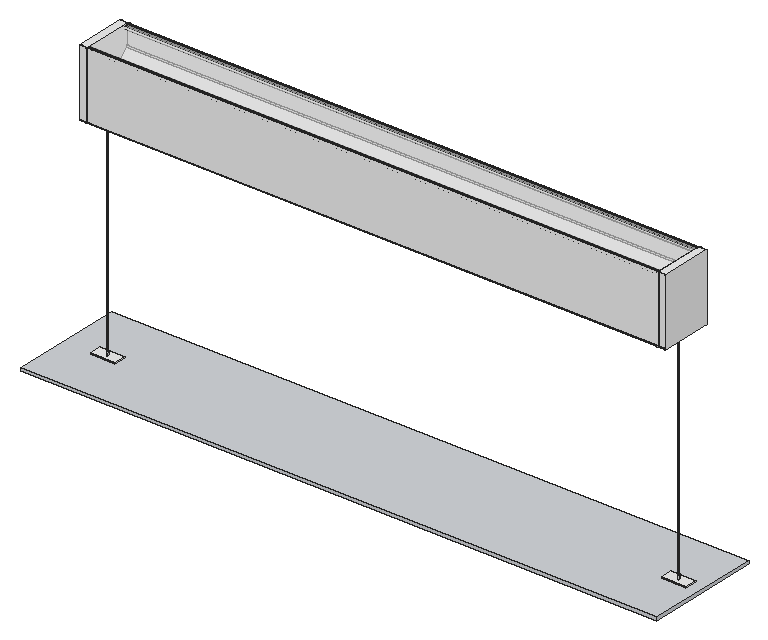
Revit family
Parameters (values of type "BBDLED-400-80-40-ASO-4")
  With Multiple Lamps = Fixture Length > 108"  # no
  With Additional Lamp = and(Fixture Length < 120", Fixture Length > 48")  # no
  Wattage = 15.3846 W
  built-in parameter 1150110 = 1 (stored number, unit not read)
  Voltage = 120 V
  URL = "http://www.axislighting.com/CMS/itemsDetail_beam4LED.php?205"
  built-in parameter 1114217 = 1 (stored number, unit not read)
  Total Lamp Wattage = Lamp Wattage * Number of Lamps  # 13.2 VA
  Tilt Angle = 90.00°
  built-in parameter 1150109 = 1 (stored number, unit not read)
  built-in parameter 1150134 = 12
  Suspension Length [instance] = 18"
  Suspension Finish = Steel - Axis - White
  built-in parameter 1150113 = 1 (stored number, unit not read)
  Reflector Finish = Steel - Axis - White Powder Coated
  Product Order Length = 48"
  Product ID = "BBDLED"
  Photometric Web File = "BBDLED-B3-MF-400-80-40-SO.ies"
  Other = ""
  Optics Length = Fixture Length - 1 1/4"  # 46 3/4"
  Number of Lamps = Product Order Length / 12"  # 4
  Mounting Configuration = if(Product Order Length < 156", 2, if(Product Order Length < 300", 3, if(Product Order Length < 444", 4, if(Product Order Length < 564", 5, if(Product Order Length < 708", 6, if(Product Order Length < 852", 7, if(Product Order Length < 972", 8, if(Product Order Length = 1296", 11, if(Product Order Length = 1680", 13, if(Product Order Length = 1776", 14, if(Product Order Length = 1848", 15, if(Product Order Length = 1872", 15, if(Product Order Length = 1896", 15, 2)))))))))))))  # 2
  Model = "BEAM4 LED Pendant Asymmetric Mount - Direct"
  Manufacturer = "Axis Lighting"
  built-in parameter 1150105 = 127.32 (stored number, unit not read)
  Lumens = 1600 lm
  built-in parameter 1150115 = 1 (stored number, unit not read)
  built-in parameter 1150137 = (empty or 0)
  built-in parameter 1150139 = (empty or 0)
  Lens Length = if(Fixture Length > 108", (Fixture Length - (2 * End Cap Length)) / Lamp Configuration, Fixture Length - (2 * End Cap Length))  # 46 3/4"
  Lens Finish = Acrylic - Axis - Frosted
  Lamp Wattage = 3.3 VA
  built-in parameter 1150112 = 1 (stored number, unit not read)
  Lamp Multiplier = if(Fixture Length > 108", (Fixture Length / 48") - 1, 2)  # 2
  built-in parameter 1150114 = 1 (stored number, unit not read)
  Lamp Distance = Lens Length  # 46 3/4"
  Lamp Configuration = if(Product Order Length > 96", Product Order Length / 48", 2)  # 2
  Lamp = "LED"
  Keynote = "16510"
  built-in parameter 1150132 = 2
  built-in parameter 1150102 = (empty or 0)
  built-in parameter 1150107 = 4000 (stored number, unit not read)
  built-in parameter 1150138 = (empty or 0)
  built-in parameter 1150106 = 1.2732 (stored number, unit not read)
  IC Controls = ""
  Housing Finish = Aluminum - Axis - White
  Fixture Width = 4 5/32"  # constant formula
  Fixture Length = Product Order Length  # 48"
  Fixture Depth = 5 1/2"  # constant formula
  End Cap Length = 5/8"  # constant formula
  Emit from Line Length = Lamp Distance  # 46 3/4"
  built-in parameter 1150104 = 9.6619 (stored number, unit not read)
  Dimming Lamp Color Temperature Shift = (empty or 0)
  Description = "LED Pendant Asymmetric Mount Direct Lighting Fixture with Spotless Lens"
  Default Elevation = 48"
  Custom = ""
  Color Filter = 16777215
  Circuit = 1
  built-in parameter 1114218 = 1 (stored number, unit not read)
  built-in parameter 1150133 = 10 (stored number, unit not read)
  Assembly Code = "D5020200"
  Apparent Load = Total Lamp Wattage  # 13.2 VA
Types (5): name | With Additional Lamp | Wattage | Total Lamp Wattage | Product Order Length | Optics Length | Number of Lamps | built-in parameter 1150105 | Lumens | Lens Length | Lamp Distance | built-in parameter 1150106 | Fixture Length | Emit from Line Length | Apparent Load
  (no name) | no | 15.3846 W | 13.2 VA | 48" | 46 3/4" | 4 | 127.32 (stored number, unit not read) | 1600 lm | 46 3/4" | 46 3/4" | 1.2732 (stored number, unit not read) | 48" | 46 3/4" | 13.2 VA
  BBDLED-400-80-40-ASO-4 | no | 15.3846 W | 13.2 VA | 48" | 46 3/4" | 4 | 127.32 (stored number, unit not read) | 1600 lm | 46 3/4" | 46 3/4" | 1.2732 (stored number, unit not read) | 48" | 46 3/4" | 13.2 VA
  BBDLED-400-80-40-ASO-2 | no | 7.69231 W | 6.6 VA | 24" | 22 3/4" | 2 | 63.662 (stored number, unit not read) | 800 lm | 22 3/4" | 22 3/4" | 0.63662 (stored number, unit not read) | 24" | 22 3/4" | 6.6 VA
  BBDLED-400-80-40-ASO-3 | no | 11.5385 W | 9.9 VA | 36" | 34 3/4" | 3 | 95.493 (stored number, unit not read) | 1200 lm | 34 3/4" | 34 3/4" | 0.95493 (stored number, unit not read) | 36" | 34 3/4" | 9.9 VA
  BBDLED-400-80-40-ASO-5 | yes | 19.2308 W | 16.5 VA | 60" | 58 3/4" | 5 | 159.15 (stored number, unit not read) | 2000 lm | 58 3/4" | 58 3/4" | 1.5915 (stored number, unit not read) | 60" | 58 3/4" | 16.5 VA
Reference planes (in)
  plane 1 "Center (Front/Back)": y = 0
  plane 2: z = 0
  plane 3 "Center (Left/Right)": x = 0
  plane 4: x = -24
  plane 5: x = 24
  plane 6: x = -23.375
  plane 7: x = 23.375
  plane 8: z = 18
  plane 9: y = -2.07813
  plane 10: y = 2.07812
  plane 11: z = 23.5
  plane 12: z = 20.84375
  plane 13: z = 21.5
  plane 14: x = -23.375
  plane 15: x = 23.375
  plane 16: x = 0
  plane 17: x = 70.125
  plane 18: x = 46.75
  plane 19: x = -23.375
  plane 20: x = 23.375
  plane 21: x = 0
Forms (in)
  Extrusion 1, solid
    sketch origin (0, 0, 0) x (1, 0, 0) y (0, 1, 0)
      loop
        line (-26.75, 4.70508) -> (-26.75, -4.70508) -> (25.31417, -4.70508) -> (25.31417, 4.70508) -> (-26.75, 4.70508)
    from 0 to -0.25
  Extrusion 2, solid, material "Aluminum - Axis - White" <- "Housing Finish"
    sketch origin (0, 0, 0) x (0, 1, 0) y (0, 0, 1)
      loop
        line (2.04687, 23.5) -> (-2.04688, 23.5)
        arc (-2.04688, 23.5) -> (-2.06897, 23.49085) -> (-2.07813, 23.46875) r 0.03125
        line (-2.07813, 23.46875) -> (-2.07813, 18.03125)
        arc (-2.07813, 18.03125) -> (-2.06897, 18.00915) -> (-2.04688, 18) r 0.03125
        line (-2.04688, 18) -> (2.04687, 18)
        arc (2.04687, 18) -> (2.06897, 18.00915) -> (2.07812, 18.03125) r 0.03125
        line (2.07812, 18.03125) -> (2.07812, 23.46875)
        arc (2.07812, 23.46875) -> (2.06897, 23.49085) -> (2.04687, 23.5) r 0.03125
    from -24 to -23.375
  Extrusion 3, solid, material "Aluminum - Axis - White" <- "Housing Finish"
    sketch origin (0, 0, 0) x (0, 1, 0) y (0, 0, 1)
      loop
        line (2.04687, 23.5) -> (-2.04688, 23.5)
        arc (-2.04688, 23.5) -> (-2.06897, 23.49085) -> (-2.07813, 23.46875) r 0.03125
        line (-2.07813, 23.46875) -> (-2.07813, 18.03125)
        arc (-2.07813, 18.03125) -> (-2.06897, 18.00915) -> (-2.04688, 18) r 0.03125
        line (-2.04688, 18) -> (2.04687, 18)
        arc (2.04687, 18) -> (2.06897, 18.00915) -> (2.07812, 18.03125) r 0.03125
        line (2.07812, 18.03125) -> (2.07812, 23.46875)
        arc (2.07812, 23.46875) -> (2.06897, 23.49085) -> (2.04687, 23.5) r 0.03125
    from 23.375 to 24
  Extrusion 4, solid, material "Aluminum - Axis - White" <- "Housing Finish"
    sketch origin (0, 0, 0) x (0, 1, 0) y (0, 0, 1)
      loop
        line (1.96562, 18.05) -> (-1.96563, 18.05) -> (-1.96563, 18) -> (1.96562, 18) -> (1.96562, 18.05)
    from -23.375 to 23.375
  Sweep 5, solid, material "Steel - Axis - White Powder Coated" <- "Reflector Finish"
    path origin (0, 0, 0) x (1, 0, 0) y (0, 1, 0)
      loop
        line (23.375, 0) -> (-23.375, 0)
    profile "BBDLED-ASY-Profile-Reflector : BBDLED-ASY-Profile-Reflector" origin (0, 0, 0) x (0, -1, 0) y (0, 0, 1)
      loop
        line (-1.86599, 21.99926) -> (-1.89724, 21.99926) -> (-1.89724, 21.79232) -> (-0.96336, 20.89158) -> (-0.41196, 20.89158) -> (1.66386, 22.97206) -> (1.82172, 23.02804) -> (1.87597, 23.02804) -> (1.87597, 23.05929) -> (1.81635, 23.05929) -> (1.64674, 22.99915) -> (-0.42492, 20.92283) -> (-0.95074, 20.92283) -> (-1.86599, 21.8056) -> (-1.86599, 21.99926)
  Sweep 6, solid, material "Acrylic - Axis - Frosted" <- "Lens Finish"
    path origin (0, 0, 0) x (1, 0, 0) y (0, 1, 0)
      loop
        line (23.375, 0) -> (-23.375, 0)
    profile "BBDLED-Profile-Lens : BBDLED-Profile-Lens" origin (0, 0, 0) x (0, -1, 0) y (0, 0, 1)
      loop
        line (-1.79405, 23.43) -> (1.79405, 23.43)
        arc (1.79405, 23.43) -> (1.81337, 23.41518) -> (1.80405, 23.39268) r 0.02
        line (1.80405, 23.39268) -> (1.74405, 23.35804)
        arc (1.74405, 23.35804) -> (1.73673, 23.33072) -> (1.76405, 23.3234) r 0.02
        line (1.76405, 23.3234) -> (1.83782, 23.36599) -> (1.86011, 23.30536)
        arc (1.86011, 23.30536) -> (1.85982, 23.21545) -> (1.80089, 23.14755) r 0.12908
        arc (1.80089, 23.14755) -> (1.79294, 23.1204) -> (1.82008, 23.11245) r 0.02
        arc (1.82008, 23.11245) -> (1.89727, 23.2014) -> (1.89766, 23.31916) r 0.16908
        line (1.89766, 23.31916) -> (1.86558, 23.40637)
        arc (1.86558, 23.40637) -> (1.86854, 23.42931) -> (1.88905, 23.44) r 0.025
        line (1.88905, 23.44) -> (1.93835, 23.44) -> (1.96019, 23.5) -> (-1.96019, 23.5) -> (-1.93835, 23.44) -> (-1.88905, 23.44)
        arc (-1.88905, 23.44) -> (-1.86854, 23.42931) -> (-1.86558, 23.40637) r 0.025
        line (-1.86558, 23.40637) -> (-1.89766, 23.31916)
        arc (-1.89766, 23.31916) -> (-1.89727, 23.2014) -> (-1.82008, 23.11245) r 0.16908
        arc (-1.82008, 23.11245) -> (-1.79294, 23.1204) -> (-1.80089, 23.14755) r 0.02
        arc (-1.80089, 23.14755) -> (-1.85982, 23.21545) -> (-1.86011, 23.30536) r 0.12908
        line (-1.86011, 23.30536) -> (-1.83782, 23.36599) -> (-1.76405, 23.3234)
        arc (-1.76405, 23.3234) -> (-1.73673, 23.33072) -> (-1.74405, 23.35804) r 0.02
        line (-1.74405, 23.35804) -> (-1.80405, 23.39268)
        arc (-1.80405, 23.39268) -> (-1.81337, 23.41518) -> (-1.79405, 23.43) r 0.02
  Sweep 7, solid, material "Aluminum - Axis - White" <- "Housing Finish"
    path origin (0, 0, 0) x (1, 0, 0) y (0, 1, 0)
      loop
        line (23.375, 0) -> (-23.375, 0)
    profile "BBDLED-Profile-Housing : BBDLED-Profile-Housing" origin (0, 0, 0) x (0, -1, 0) y (0, 0, 1)
      loop
        line (-2.07812, 23.46875) -> (-2.07812, 18.03125)
        arc (-2.07812, 18.03125) -> (-2.06897, 18.00915) -> (-2.04687, 18) r 0.03125
        line (-2.04687, 18) -> (-1.98812, 18) -> (-1.98812, 18.0857) -> (-1.94473, 18.0857) -> (-1.92694, 18.04378) -> (-1.89012, 18.0594) -> (-1.92781, 18.1482) -> (-2.00312, 18.1482) -> (-2.00312, 23.365)
        arc (-2.00312, 23.365) -> (-1.99727, 23.37914) -> (-1.98312, 23.385) r 0.02
        line (-1.98312, 23.385) -> (-1.88312, 23.385)
        arc (-1.88312, 23.385) -> (-1.87013, 23.3925) -> (-1.87013, 23.4075) r 0.015
        line (-1.87013, 23.4075) -> (-1.89179, 23.445) -> (-1.98812, 23.445) -> (-1.98812, 23.48)
        arc (-1.98812, 23.48) -> (-1.99398, 23.49414) -> (-2.00812, 23.5) r 0.02
        line (-2.00812, 23.5) -> (-2.04687, 23.5)
        arc (-2.04687, 23.5) -> (-2.06897, 23.49085) -> (-2.07812, 23.46875) r 0.03125
      loop
        arc (2.07813, 23.46875) -> (2.06897, 23.49085) -> (2.04688, 23.5) r 0.03125
        line (2.04688, 23.5) -> (2.00813, 23.5)
        arc (2.00813, 23.5) -> (1.99398, 23.49414) -> (1.98813, 23.48) r 0.02
        line (1.98813, 23.48) -> (1.98813, 23.445) -> (1.89179, 23.445) -> (1.87013, 23.4075)
        arc (1.87013, 23.4075) -> (1.87013, 23.3925) -> (1.88313, 23.385) r 0.015
        line (1.88313, 23.385) -> (1.98313, 23.385)
        arc (1.98313, 23.385) -> (1.99727, 23.37914) -> (2.00313, 23.365) r 0.02
        line (2.00313, 23.365) -> (2.00313, 18.1482) -> (1.92781, 18.1482) -> (1.89012, 18.0594) -> (1.92694, 18.04378) -> (1.94473, 18.0857) -> (1.98813, 18.0857) -> (1.98813, 18) -> (2.04688, 18)
        arc (2.04688, 18) -> (2.06897, 18.00915) -> (2.07813, 18.03125) r 0.03125
        line (2.07813, 18.03125) -> (2.07813, 23.46875)
Lines and regions (in)
  reference lines
    curve 1: line (0, 0.89093, 21.88164) -> (0, 1.92883, 20.84375)
    curve 2: line (0, 0.8879, 20.84375) -> (0, 3.03603, 22.99187)
Dimensions and locks (in)
  "Fixture Length": plane 4 to plane 5
  equal spacing: plane 4, plane 3 "Center (Left/Right)", plane 5
  locked: plane 4 to plane 6 at 0.625
  locked: plane 7 to plane 5 at 0.625
  "Suspension Length": plane 8 to plane 2
  "Fixture Width": plane 9 to plane 10
  equal spacing: plane 9, plane 1 "Center (Front/Back)", plane 10
  "Fixture Depth": plane 11 to plane 8
  locked: Extrusion 4 sketch curve to plane 9 at 0.1125
  locked: plane 10 to Extrusion 4 sketch curve at 0.1125
  locked: Extrusion 4 sketch curve to plane 8 at 0.05
  locked: plane 12 to plane 8 at 2.84375
  locked: plane 13 to plane 8 at 3.5
  group 1 to group 2 = 46 3/4"
  group 1 to group 2 = 0"  (x2)
  "Lamp Distance": plane 14 to plane 15
  equal spacing: plane 14, plane 16, plane 15
  "Lamp Distance": plane 15 to plane 17
  equal spacing: plane 15, plane 18, plane 17
  "Lamp Distance": plane 19 to plane 20
  equal spacing: plane 19, plane 21, plane 20
  locked: plane 10 to curve 1 at 0.1493
  locked: plane 10 to curve 2 at 1.19022
  group 3 to group 4 = 46 3/4"
  group 3 to group 4 = 0"  (x2)
  locked: curve 2 to curve 1 (angle 90.00°)
  locked: curve 1 to plane 12 (angle 135.00°)
  aligned and locked: plane 2 to Extrusion 1
  aligned and locked: level to Extrusion 1
  aligned and locked: plane 1 "Center (Front/Back)" to nested 1
  aligned and locked: plane 3 "Center (Left/Right)" to nested 1
  aligned and locked: plane 11 to Extrusion 2 sketch curve
  aligned and locked: plane 9 to Extrusion 2 sketch curve
  aligned and locked: plane 8 to Extrusion 2 sketch curve
  aligned and locked: plane 10 to Extrusion 2 sketch curve
  aligned and locked: Extrusion 2 to plane 4
  aligned and locked: plane 6 to Extrusion 2
  aligned and locked: plane 11 to Extrusion 3 sketch curve
  aligned and locked: plane 9 to Extrusion 3 sketch curve
  aligned and locked: plane 8 to Extrusion 3 sketch curve
  aligned and locked: plane 10 to Extrusion 3 sketch curve
  aligned and locked: plane 5 to Extrusion 3
  aligned and locked: Extrusion 3 to plane 7
  aligned and locked: plane 8 to Extrusion 4 sketch curve
  aligned and locked: Extrusion 4 to plane 6
  aligned and locked: plane 7 to Extrusion 4
  aligned and locked: Sweep 5 sketch curve to plane 1 "Center (Front/Back)"
  aligned and locked: plane 6 to Sweep 5 sketch curve
  aligned and locked: plane 7 to Sweep 5 sketch curve
  aligned and locked: Sweep 6 sketch curve to plane 1 "Center (Front/Back)"
  aligned and locked: plane 6 to Sweep 6 sketch curve
  aligned and locked: plane 7 to Sweep 6 sketch curve
  aligned and locked: Sweep 7 sketch curve to plane 1 "Center (Front/Back)"
  aligned and locked: plane 7 to Sweep 7 sketch curve
  aligned and locked: plane 6 to Sweep 7 sketch curve
  aligned and locked: nested 2 to plane 2
  aligned and locked: plane 1 "Center (Front/Back)" to nested 2
  aligned and locked: plane 6 to nested 2
  aligned and locked: plane 7 to nested 3
  aligned and locked: plane 1 "Center (Front/Back)" to nested 3
  aligned and locked: nested 3 to plane 2
  aligned and locked: plane 14 to plane 6
  aligned and locked: imposter light to plane 16
  aligned and locked: plane 20 to plane 7
  aligned and locked: plane 12 to curve 1
  aligned and locked: plane 12 to curve 2
  aligned and locked: imposter light to curve 1
  aligned and locked: imposter light to curve 2
  aligned and locked: plane 1 "Center (Front/Back)" to nested 4
  aligned and locked: nested 4 to plane 21
  aligned and locked: plane 1 "Center (Front/Back)" to nested 5
  aligned and locked: nested 5 to plane 21
  aligned and locked: plane 1 "Center (Front/Back)" to nested 6
  aligned and locked: nested 6 to plane 18
Automatic sketch dimensions
  Extrusion 1 sketch curve to Extrusion 1 sketch curve = 52.06417"
  Extrusion 1 sketch curve to Extrusion 1 sketch curve = 9 105/256"
  Extrusion 2 sketch curve to plane 9 = 1/32"  (x2)
  Extrusion 2 sketch curve to Extrusion 2 sketch curve = 1/32"  (x2)
  Extrusion 3 sketch curve to plane 9 = 1/32"
  Extrusion 3 sketch curve to Extrusion 3 sketch curve = 1/32"  (x2)
  plane 10 to Extrusion 3 sketch curve = 1/32"
Nested families (in)
  nested 1: "Lighting-Pendant-Axis-Symbol" at (0, 0, 0), type "Lighting-Pendant-Axis-Symbol"
  nested 2: "BBDLED-Component-Suspension" at (-23.375, 0, 0), type "Cable"
  nested 3: "BBDLED-Component-Suspension" at (23.375, 0, 0), type "Cable"
  nested 4: "BBDLED-ASY-Light" at (0, 0, 0), visible <- "With Additional Lamp", type "Additional"
  nested 5: "BBDLED-ASY-Light" at (0, 0, 0), visible <- "With Multiple Lamps", type "Multiple"
  nested 6: "BBDLED-ASY-Light" at (46.75, 0, 0), visible <- "With Multiple Lamps", type "Multiple"
Connectors (in)
  electrical at (-23.375, 0, 0), driven by "Voltage", driven by "Apparent Load"
    settings: on nested 2, index 1, voltage 120 V, apparent load 0 VA, apparent load phase1 13.2 VA, apparent load phase2 0 VA, apparent load phase3 0 VA, power factor 1, load classification "Lighting", number of poles 1, system type 31, power factor state 1, is connector primary yes, connector utility no, sub classification motor no, connector description "Lighting Fixture Power"
Definition of nested family "BBDLED-Component-Suspension"
  Parameters (values of type "Cable")
    Suspension Length = 18"
    Finish = Steel - Axis - White
    Assembly Code = ""
  Reference planes (in)
    plane 1 "Center (Front/Back)": y = 0
    plane 2: z = 0
    plane 3 "Center (Left/Right)": x = 0
    plane 4: z = 18
    plane 5: y = 0.5
    plane 6: y = -0.5
    plane 7: x = -1
    plane 8: x = 1
    plane 9: z = 0.0625
    plane 10: z = 0.375
    plane 11: z = 17.875
    plane 12: z = 17.6875
  Forms (in)
    Extrusion 1, solid, material "Steel - Axis - White" <- "Finish"
      sketch origin (0, 0, 0) x (1, 0, 0) y (0, 1, 0)
        loop
          circle (0, 0) r 0.25
      from 17.875 to 18
    Extrusion 2, solid, material "Steel - Axis - White" <- "Finish"
      sketch origin (0, 0, 0) x (1, 0, 0) y (0, 1, 0)
        loop
          circle (0, 0) r 0.0625
      from 17.6875 to 17.875
    Extrusion 3, solid, material "Steel - Axis - White" <- "Finish"
      sketch origin (0, 0, 0) x (1, 0, 0) y (0, 1, 0)
        loop
          circle (0, 0) r 0.03125
      from 17.6875 to 0.375
    Extrusion 4, solid, material "Steel - Axis - White" <- "Finish"
      sketch origin (0, 0, 0) x (1, 0, 0) y (0, 1, 0)
        loop
          circle (0, 0) r 0.0625
      from 0.0625 to 0.375
    Extrusion 5, solid, material "Steel - Axis - White" <- "Finish"
      sketch origin (0, 0, 0) x (1, 0, 0) y (0, 1, 0)
        loop
          line (-1, -0.5) -> (1, -0.5) -> (1, 0.5) -> (-1, 0.5) -> (-1, -0.5)
      from 0 to 0.0625
  Dimensions and locks (in)
    equal spacing: plane 7, plane 3 "Center (Left/Right)", plane 8
    plane 7 to plane 8 = 2"
    equal spacing: plane 6, plane 1 "Center (Front/Back)", plane 5
    plane 6 to plane 5 = 1"
    Extrusion 4 to Extrusion 5 to Extrusion 5 = 0", 1/16"
    Extrusion 1 to Extrusion 2 to level = 1/8", 17 7/8"
    "Suspension Length": plane 4 to level
    plane 10 to plane 9 to plane 2 = 5/16" locked, 1/16" locked
    plane 4 to plane 11 to plane 12 = 1/8" locked, 3/16" locked
    radius of Extrusion 4 sketch curve = 1/16"
    radius of Extrusion 3 sketch curve = 1/32"
    radius of Extrusion 2 sketch curve = 1/16"
    radius of Extrusion 1 sketch curve = 1/4"
    aligned and locked: plane 2 to level
    aligned and locked: plane 6 to Extrusion 5 sketch curve
    aligned and locked: Extrusion 5 sketch curve to plane 7
    aligned and locked: Extrusion 5 sketch curve to plane 5
    aligned and locked: plane 8 to Extrusion 5 sketch curve
    aligned: plane 4 to Extrusion 5
    aligned: Extrusion 1 to level
    aligned: Extrusion 3 to Extrusion 4
    aligned: Extrusion 3 to Extrusion 2
    aligned: Extrusion 4 to Extrusion 5
    aligned and locked: Extrusion 5 to plane 2
    aligned and locked: plane 9 to Extrusion 5
    aligned and locked: Extrusion 4 to plane 9
    aligned and locked: plane 10 to Extrusion 4
    aligned and locked: plane 4 to Extrusion 1
    aligned and locked: Extrusion 1 to plane 11
    aligned and locked: plane 11 to Extrusion 2
    aligned and locked: Extrusion 2 to plane 12
    aligned and locked: plane 12 to Extrusion 3
    aligned and locked: Extrusion 3 to plane 10
  Automatic sketch dimensions
    plane 1 "Center (Front/Back)" to Extrusion 1 sketch curve = 0"
    Extrusion 1 sketch curve to plane 3 "Center (Left/Right)" = 0"
    plane 1 "Center (Front/Back)" to Extrusion 2 sketch curve = 0"
    Extrusion 2 sketch curve to plane 3 "Center (Left/Right)" = 0"
    plane 1 "Center (Front/Back)" to Extrusion 3 sketch curve = 0"
    Extrusion 3 sketch curve to plane 3 "Center (Left/Right)" = 0"
    plane 1 "Center (Front/Back)" to Extrusion 4 sketch curve = 0"
    Extrusion 4 sketch curve to plane 3 "Center (Left/Right)" = 0"
Definition of nested family "Lighting-Pendant-Axis-Symbol"
  Parameters (values of type "Lighting-Pendant-Axis-Symbol")
    Width = 4 3/16"
    Length = 47 9/16"
    Assembly Code = ""
  Reference planes (in)
    plane 1 "Center (Front/Back)": y = 0
    plane 2: z = 0
    plane 3 "Center (Left/Right)": x = 0
  Lines and regions (in)
    Masking region 1, in view "Ref. Level"
      outline origin (0, 0, 0) x (1, 0, 0) y (0, 1, 0)
        loop
          line (-23.78125, -2.09375) -> (23.78125, -2.09375) -> (23.78125, 2.09375) -> (-23.78125, 2.09375) -> (-23.78125, -2.09375)
    detail lines, style "Pendant Lights", in view "Ref. Level", detail levels coarse+medium
      curve 1: line (-23.78125, 2.09375, 0) -> (23.78125, 2.09375, 0)
      curve 2: line (-23.78125, -2.09375, 0) -> (-23.78125, 2.09375, 0)
      curve 3: line (23.78125, -2.09375, 0) -> (-23.78125, -2.09375, 0)
      curve 4: line (23.78125, 2.09375, 0) -> (23.78125, -2.09375, 0)
    detail lines, style "Pendant Lights", in view "Ref. Level"
      curve 5: circle (-23.15625, 0, 0) r 0.25 normal (0, 0, 1)
      curve 6: circle (23.15625, 0, 0) r 0.25 normal (0, 0, 1)
  Dimensions and locks (in)
    "Length": curve 2 to curve 4
    "Width": curve 1 to curve 3
    equal spacing: curve 2, plane 3 "Center (Left/Right)", curve 4
    equal spacing: curve 1, plane 1 "Center (Front/Back)", curve 3
    locked: curve 2 to curve 5 at 0.625
    locked: curve 6 to curve 4 at 0.625
    equal spacing: curve 1, curve 5, curve 3
    equal spacing: curve 1, curve 6, curve 3
    aligned and locked: Masking region 1 sketch curve to curve 3
    aligned and locked: Masking region 1 sketch curve to curve 2
    aligned and locked: Masking region 1 sketch curve to curve 1
    aligned and locked: Masking region 1 sketch curve to curve 4
  Automatic sketch dimensions
    radius of curve 5 = 1/4"
    radius of curve 6 = 1/4"
Definition of nested family "BBDLED-ASY-Light"
  Parameters (values of type "Additional")
    Wattage = 15.3846 W
    built-in parameter 1150110 = 1 (stored number, unit not read)
    built-in parameter 1114217 = 1 (stored number, unit not read)
    Tilt Angle = 90.00°
    built-in parameter 1150109 = 1 (stored number, unit not read)
    built-in parameter 1150134 = 12
    Suspension Length = 18"
    built-in parameter 1150113 = 1 (stored number, unit not read)
    Photometric Web File = "BBDLED-B3-MF-400-80-40-SO.ies"
    built-in parameter 1150105 = 127.32 (stored number, unit not read)
    Lumens = 1600 lm
    built-in parameter 1150115 = 1 (stored number, unit not read)
    built-in parameter 1150137 = (empty or 0)
    built-in parameter 1150139 = (empty or 0)
    built-in parameter 1150112 = 1 (stored number, unit not read)
    built-in parameter 1150114 = 1 (stored number, unit not read)
    built-in parameter 1150132 = 2
    built-in parameter 1150102 = (empty or 0)
    built-in parameter 1150107 = 4000 (stored number, unit not read)
    built-in parameter 1150138 = (empty or 0)
    built-in parameter 1150106 = 1.2732 (stored number, unit not read)
    Emit from Line Length = 47.79167"
    built-in parameter 1150104 = 9.6619 (stored number, unit not read)
    Dimming Lamp Color Temperature Shift = (empty or 0)
    Default Elevation = 48"
    Color Filter = 16777215
    built-in parameter 1114218 = 1 (stored number, unit not read)
    built-in parameter 1150133 = 10 (stored number, unit not read)
    Assembly Code = ""
  Types (2): name | Suspension Length
    Additional | 18"
    Multiple | 36"
  Reference planes (in)
    plane 1 "Center (Front/Back)": y = 0
    plane 2: z = 0
    plane 3 "Center (Left/Right)": x = 0
    plane 4: z = 18
    plane 5: z = 21.5
    plane 6: y = -2.07813
    plane 7: y = 2.07812
    plane 8: z = 20.84375
  Forms (in)
    Extrusion 1, solid
      sketch origin (0, 0, 0) x (1, 0, 0) y (0, 1, 0)
        loop
          line (-48, 48) -> (-48, -48) -> (48, -48) -> (48, 48) -> (-48, 48)
      from 0 to -12
  Lines and regions (in)
    reference lines
      curve 1: line (0, 0.89093, 21.88164) -> (0, 1.92883, 20.84375)
      curve 2: line (0, 0.8879, 20.84375) -> (0, 3.03603, 22.99187)
  Dimensions and locks (in)
    "Suspension Length": plane 4 to level
    locked: plane 5 to plane 4 at 3.5
    locked: plane 8 to plane 4 at 2.84375
    locked: plane 7 to plane 6 at 4.15625
    equal spacing: plane 7, plane 1 "Center (Front/Back)", plane 6
    plane 7 to curve 1 to curve 2 = 0.1493" locked, 1.04092" locked
    locked: curve 2 to curve 1 (angle 90.00°)
    locked: curve 1 to plane 8 (angle 135.00°)
    aligned and locked: plane 2 to Extrusion 1
    aligned and locked: level to Extrusion 1
    aligned and locked: plane 3 "Center (Left/Right)" to imposter light
    aligned and locked: plane 8 to curve 1
    aligned and locked: plane 8 to curve 2
    aligned and locked: imposter light to curve 1
    aligned and locked: imposter light to curve 2
  Automatic sketch dimensions
    Extrusion 1 sketch curve to Extrusion 1 sketch curve = 96"  (x2)
